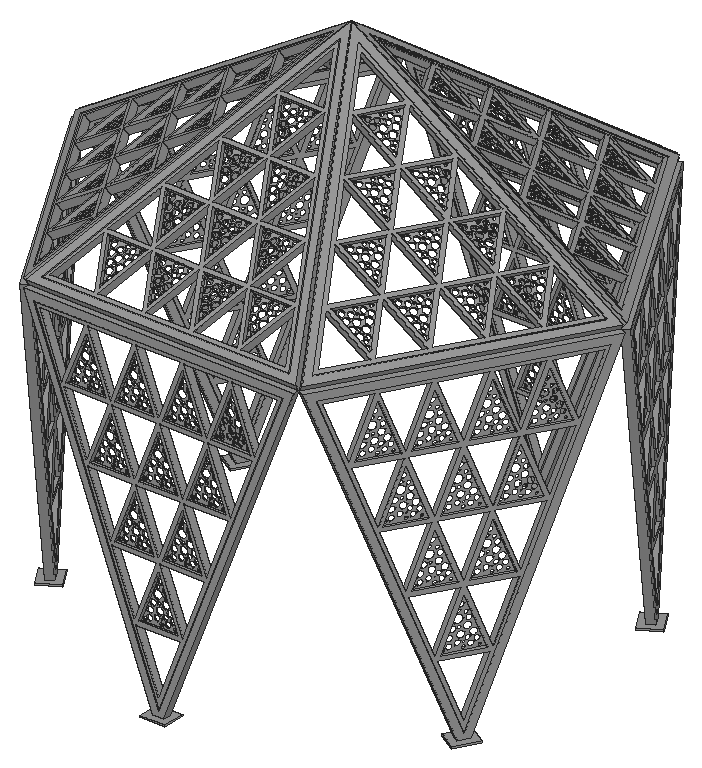
Revit family "Беседка «Трекант» Арт 19429", category Антураж, Revit 2018 (continued)
Automatic sketch dimensions
  Extrusion 60 sketch curve to Extrusion 60 sketch curve = 15.165 mm
  Extrusion 60 sketch curve to Extrusion 60 sketch curve = 36.532 mm
  Extrusion 60 sketch curve to Extrusion 60 sketch curve = 17.608 mm
  Extrusion 60 sketch curve to Extrusion 60 sketch curve = 17.736 mm
  Extrusion 60 sketch curve to Extrusion 60 sketch curve = 18.246 mm
  Extrusion 60 sketch curve to Extrusion 60 sketch curve = 14.653 mm
  Extrusion 60 sketch curve to Extrusion 60 sketch curve = 16.154 mm
  Extrusion 60 sketch curve to Extrusion 60 sketch curve = 31.299 mm
  Extrusion 60 sketch curve to Extrusion 60 sketch curve = 31.936 mm
  Extrusion 60 sketch curve to Extrusion 60 sketch curve = 25.851 mm
  Extrusion 60 sketch curve to Extrusion 60 sketch curve = 22.422 mm
  Extrusion 60 sketch curve to Extrusion 60 sketch curve = 51.657 mm
  Extrusion 60 sketch curve to Extrusion 60 sketch curve = 25.059 mm
  Extrusion 60 sketch curve to Extrusion 60 sketch curve = 30.603 mm
  Extrusion 60 sketch curve to Extrusion 60 sketch curve = 51.382 mm
  Extrusion 60 sketch curve to Extrusion 60 sketch curve = 6.429 mm
  Extrusion 60 sketch curve to Extrusion 60 sketch curve = 3.118 mm
  Extrusion 60 sketch curve to Extrusion 60 sketch curve = 47.115 mm
  Extrusion 60 sketch curve to Extrusion 60 sketch curve = 50.724 mm
  Extrusion 60 sketch curve to Extrusion 60 sketch curve = 37.627 mm
  Extrusion 60 sketch curve to Extrusion 60 sketch curve = 11.104 mm
  Extrusion 60 sketch curve to Extrusion 60 sketch curve = 38.537 mm
  Extrusion 61 sketch curve to plane 8 "123" = 0 mm
  Extrusion 61 sketch curve to level = 0 mm
  Extrusion 61 sketch curve to plane 8 "123" = 50 mm
  Extrusion 61 sketch curve to Extrusion 61 sketch curve = 72.75 mm  (x2)
  Extrusion 61 sketch curve to Extrusion 61 sketch curve = 809.98 mm
  level to Extrusion 61 sketch curve = 47.642 mm
  Extrusion 61 sketch curve to Extrusion 61 sketch curve = 35.269 mm  (x2)
  Extrusion 61 sketch curve to Extrusion 61 sketch curve = 1690.499 mm
  Extrusion 62 sketch curve to plane 8 "123" = 50 mm
  Extrusion 62 sketch curve to Extrusion 62 sketch curve = 36.379 mm  (x2)
  Extrusion 62 sketch curve to plane 8 "123" = 476.44 mm  (x7)
  Extrusion 62 sketch curve to Extrusion 62 sketch curve = 154.094 mm  (x2)
  Extrusion 62 sketch curve to plane 8 "123" = 501.44 mm  (x4)
  Extrusion 62 sketch curve to Extrusion 62 sketch curve = 9.597 mm  (x13)
  Extrusion 62 sketch curve to Extrusion 62 sketch curve = 26.779 mm  (x8)
  Extrusion 62 sketch curve to plane 8 "123" = 75.01 mm  (x5)
  Extrusion 62 sketch curve to Extrusion 62 sketch curve = 308.189 mm  (x5)
  Extrusion 62 sketch curve to plane 8 "123" = 119.771 mm  (x4)
  Extrusion 62 sketch curve to plane 8 "123" = 902.88 mm  (x5)
  Extrusion 62 sketch curve to Extrusion 62 sketch curve = 154.098 mm  (x3)
  Extrusion 62 sketch curve to Extrusion 62 sketch curve = 19.199 mm  (x4)
  Extrusion 62 sketch curve to Extrusion 62 sketch curve = 273.825 mm  (x10)
  Extrusion 62 sketch curve to Extrusion 62 sketch curve = 17.19 mm  (x4)
  Extrusion 62 sketch curve to plane 8 "123" = 546.211 mm  (x3)
  Extrusion 62 sketch curve to Extrusion 62 sketch curve = 9.593 mm  (x5)
  Extrusion 62 sketch curve to Extrusion 62 sketch curve = 9.595 mm  (x5)
  level to Extrusion 62 sketch curve = 970.272 mm  (x5)
  Extrusion 62 sketch curve to Extrusion 62 sketch curve = 19.191 mm  (x2)
  level to Extrusion 62 sketch curve = 945.272 mm
  Extrusion 62 sketch curve to plane 8 "123" = 927.88 mm  (x2)
  Extrusion 62 sketch curve to plane 8 "123" = 972.651 mm  (x2)
  level to Extrusion 62 sketch curve = 543.832 mm  (x2)
  Extrusion 62 sketch curve to Extrusion 62 sketch curve = 19.189 mm  (x2)
  level to Extrusion 62 sketch curve = 47.642 mm
  level to Extrusion 62 sketch curve = 117.402 mm
  Extrusion 62 sketch curve to Extrusion 62 sketch curve = 0 mm  (x6)
  level to Extrusion 62 sketch curve = 900.501 mm
  Extrusion 62 sketch curve to Extrusion 62 sketch curve = 19.181 mm
  Extrusion 62 sketch curve to Extrusion 62 sketch curve = 19.185 mm
  Extrusion 62 sketch curve to Extrusion 62 sketch curve = 26.781 mm
  level to Extrusion 62 sketch curve = 518.832 mm
  Extrusion 62 sketch curve to Extrusion 62 sketch curve = 17.182 mm
  Extrusion 62 sketch curve to Extrusion 62 sketch curve = 17.188 mm  (x3)
  Extrusion 62 sketch curve to plane 8 "123" = 902.89 mm
  Extrusion 62 sketch curve to Extrusion 62 sketch curve = 9.591 mm
  Extrusion 62 sketch curve to Extrusion 62 sketch curve = 26.785 mm
  Extrusion 62 sketch curve to Extrusion 62 sketch curve = 17.184 mm
  Extrusion 62 sketch curve to Extrusion 62 sketch curve = 17.186 mm
  Extrusion 62 sketch curve to Extrusion 62 sketch curve = 25 mm
  Extrusion 63 sketch curve to plane 8 "123" = 476.44 mm
  Extrusion 63 sketch curve to Extrusion 63 sketch curve = 26.608 mm
  Extrusion 63 sketch curve to Extrusion 63 sketch curve = 34.088 mm
  Extrusion 63 sketch curve to Extrusion 63 sketch curve = 1.206 mm
  Extrusion 63 sketch curve to Extrusion 63 sketch curve = 21.176 mm
  Extrusion 63 sketch curve to Extrusion 63 sketch curve = 49.958 mm
  Extrusion 63 sketch curve to Extrusion 63 sketch curve = 31.469 mm
  Extrusion 63 sketch curve to Extrusion 63 sketch curve = 0.052 mm
  Extrusion 63 sketch curve to Extrusion 63 sketch curve = 38.438 mm
  Extrusion 63 sketch curve to Extrusion 63 sketch curve = 6.752 mm
  Extrusion 63 sketch curve to Extrusion 63 sketch curve = 16.343 mm
  Extrusion 63 sketch curve to plane 8 "123" = 119.771 mm
  Extrusion 63 sketch curve to Extrusion 63 sketch curve = 5.971 mm
  Extrusion 63 sketch curve to Extrusion 63 sketch curve = 34.201 mm
  Extrusion 63 sketch curve to Extrusion 63 sketch curve = 1.495 mm
  Extrusion 63 sketch curve to Extrusion 63 sketch curve = 44.825 mm
  Extrusion 63 sketch curve to Extrusion 63 sketch curve = 21.489 mm
  Extrusion 63 sketch curve to Extrusion 63 sketch curve = 46.74 mm
  Extrusion 63 sketch curve to Extrusion 63 sketch curve = 17.599 mm
  Extrusion 63 sketch curve to Extrusion 63 sketch curve = 18.342 mm
  Extrusion 63 sketch curve to Extrusion 63 sketch curve = 34.657 mm
  Extrusion 63 sketch curve to Extrusion 63 sketch curve = 35.947 mm
  Extrusion 63 sketch curve to Extrusion 63 sketch curve = 15.165 mm
  Extrusion 63 sketch curve to Extrusion 63 sketch curve = 36.532 mm
  Extrusion 63 sketch curve to Extrusion 63 sketch curve = 17.608 mm
  Extrusion 63 sketch curve to Extrusion 63 sketch curve = 17.736 mm
  Extrusion 63 sketch curve to Extrusion 63 sketch curve = 18.246 mm
  Extrusion 63 sketch curve to Extrusion 63 sketch curve = 14.653 mm
  Extrusion 63 sketch curve to Extrusion 63 sketch curve = 16.154 mm
  Extrusion 63 sketch curve to Extrusion 63 sketch curve = 31.299 mm
  Extrusion 63 sketch curve to Extrusion 63 sketch curve = 31.936 mm
  Extrusion 63 sketch curve to Extrusion 63 sketch curve = 25.851 mm
  Extrusion 63 sketch curve to Extrusion 63 sketch curve = 22.422 mm
  Extrusion 63 sketch curve to Extrusion 63 sketch curve = 51.657 mm
  Extrusion 63 sketch curve to Extrusion 63 sketch curve = 25.059 mm
  Extrusion 63 sketch curve to Extrusion 63 sketch curve = 30.603 mm
  Extrusion 63 sketch curve to Extrusion 63 sketch curve = 51.382 mm
  Extrusion 63 sketch curve to Extrusion 63 sketch curve = 6.429 mm
  Extrusion 63 sketch curve to Extrusion 63 sketch curve = 3.118 mm
  Extrusion 63 sketch curve to Extrusion 63 sketch curve = 47.115 mm
  Extrusion 63 sketch curve to Extrusion 63 sketch curve = 50.724 mm
  Extrusion 63 sketch curve to Extrusion 63 sketch curve = 37.627 mm
  Extrusion 63 sketch curve to Extrusion 63 sketch curve = 11.104 mm
  Extrusion 63 sketch curve to Extrusion 63 sketch curve = 38.537 mm
  Extrusion 64 sketch curve to plane 8 "123" = 476.44 mm
  Extrusion 64 sketch curve to Extrusion 64 sketch curve = 26.608 mm
  Extrusion 64 sketch curve to Extrusion 64 sketch curve = 34.088 mm
  Extrusion 64 sketch curve to Extrusion 64 sketch curve = 1.206 mm
  Extrusion 64 sketch curve to Extrusion 64 sketch curve = 21.176 mm
  Extrusion 64 sketch curve to Extrusion 64 sketch curve = 49.958 mm
  Extrusion 64 sketch curve to Extrusion 64 sketch curve = 31.469 mm
  Extrusion 64 sketch curve to Extrusion 64 sketch curve = 0.052 mm
  Extrusion 64 sketch curve to Extrusion 64 sketch curve = 38.438 mm
  Extrusion 64 sketch curve to Extrusion 64 sketch curve = 6.752 mm
  Extrusion 64 sketch curve to Extrusion 64 sketch curve = 16.343 mm
  Extrusion 64 sketch curve to plane 8 "123" = 119.771 mm
  Extrusion 64 sketch curve to Extrusion 64 sketch curve = 5.971 mm
  Extrusion 64 sketch curve to Extrusion 64 sketch curve = 34.201 mm
  Extrusion 64 sketch curve to Extrusion 64 sketch curve = 1.495 mm
  Extrusion 64 sketch curve to Extrusion 64 sketch curve = 44.825 mm
  Extrusion 64 sketch curve to Extrusion 64 sketch curve = 21.489 mm
  Extrusion 64 sketch curve to Extrusion 64 sketch curve = 46.74 mm
  Extrusion 64 sketch curve to Extrusion 64 sketch curve = 17.599 mm
  Extrusion 64 sketch curve to Extrusion 64 sketch curve = 18.342 mm
  Extrusion 64 sketch curve to Extrusion 64 sketch curve = 34.657 mm
  Extrusion 64 sketch curve to Extrusion 64 sketch curve = 35.947 mm
  Extrusion 64 sketch curve to Extrusion 64 sketch curve = 15.165 mm
  Extrusion 64 sketch curve to Extrusion 64 sketch curve = 36.532 mm
  Extrusion 64 sketch curve to Extrusion 64 sketch curve = 17.608 mm
  Extrusion 64 sketch curve to Extrusion 64 sketch curve = 17.736 mm
  Extrusion 64 sketch curve to Extrusion 64 sketch curve = 18.246 mm
  Extrusion 64 sketch curve to Extrusion 64 sketch curve = 14.653 mm
  Extrusion 64 sketch curve to Extrusion 64 sketch curve = 16.154 mm
  Extrusion 64 sketch curve to Extrusion 64 sketch curve = 31.299 mm
  Extrusion 64 sketch curve to Extrusion 64 sketch curve = 31.936 mm
  Extrusion 64 sketch curve to Extrusion 64 sketch curve = 25.851 mm
  Extrusion 64 sketch curve to Extrusion 64 sketch curve = 22.422 mm
  Extrusion 64 sketch curve to Extrusion 64 sketch curve = 51.657 mm
  Extrusion 64 sketch curve to Extrusion 64 sketch curve = 25.059 mm
  Extrusion 64 sketch curve to Extrusion 64 sketch curve = 30.603 mm
  Extrusion 64 sketch curve to Extrusion 64 sketch curve = 51.382 mm
  Extrusion 64 sketch curve to Extrusion 64 sketch curve = 6.429 mm
  Extrusion 64 sketch curve to Extrusion 64 sketch curve = 3.118 mm
  Extrusion 64 sketch curve to Extrusion 64 sketch curve = 47.115 mm
  Extrusion 64 sketch curve to Extrusion 64 sketch curve = 50.724 mm
  Extrusion 64 sketch curve to Extrusion 64 sketch curve = 37.627 mm
  Extrusion 64 sketch curve to Extrusion 64 sketch curve = 11.104 mm
  Extrusion 64 sketch curve to Extrusion 64 sketch curve = 38.537 mm
  Extrusion 65 sketch curve to plane 8 "123" = 476.44 mm
  Extrusion 65 sketch curve to Extrusion 65 sketch curve = 26.608 mm
  Extrusion 65 sketch curve to Extrusion 65 sketch curve = 34.088 mm
  Extrusion 65 sketch curve to Extrusion 65 sketch curve = 1.206 mm
  Extrusion 65 sketch curve to Extrusion 65 sketch curve = 21.176 mm
  Extrusion 65 sketch curve to Extrusion 65 sketch curve = 49.958 mm
  Extrusion 65 sketch curve to Extrusion 65 sketch curve = 31.469 mm
  Extrusion 65 sketch curve to Extrusion 65 sketch curve = 0.052 mm
  Extrusion 65 sketch curve to Extrusion 65 sketch curve = 38.438 mm
  Extrusion 65 sketch curve to Extrusion 65 sketch curve = 6.752 mm
  Extrusion 65 sketch curve to Extrusion 65 sketch curve = 16.343 mm
  Extrusion 65 sketch curve to plane 8 "123" = 119.771 mm
  Extrusion 65 sketch curve to Extrusion 65 sketch curve = 5.971 mm
  Extrusion 65 sketch curve to Extrusion 65 sketch curve = 34.201 mm
  Extrusion 65 sketch curve to Extrusion 65 sketch curve = 1.495 mm
  Extrusion 65 sketch curve to Extrusion 65 sketch curve = 44.825 mm
  Extrusion 65 sketch curve to Extrusion 65 sketch curve = 21.489 mm
  Extrusion 65 sketch curve to Extrusion 65 sketch curve = 46.74 mm
  Extrusion 65 sketch curve to Extrusion 65 sketch curve = 17.599 mm
  Extrusion 65 sketch curve to Extrusion 65 sketch curve = 18.342 mm
  Extrusion 65 sketch curve to Extrusion 65 sketch curve = 34.657 mm
  Extrusion 65 sketch curve to Extrusion 65 sketch curve = 35.947 mm
  Extrusion 65 sketch curve to Extrusion 65 sketch curve = 15.165 mm
  Extrusion 65 sketch curve to Extrusion 65 sketch curve = 36.532 mm
  Extrusion 65 sketch curve to Extrusion 65 sketch curve = 17.608 mm
  Extrusion 65 sketch curve to Extrusion 65 sketch curve = 17.736 mm
  Extrusion 65 sketch curve to Extrusion 65 sketch curve = 18.246 mm
  Extrusion 65 sketch curve to Extrusion 65 sketch curve = 14.653 mm
  Extrusion 65 sketch curve to Extrusion 65 sketch curve = 16.154 mm
  Extrusion 65 sketch curve to Extrusion 65 sketch curve = 31.299 mm
  Extrusion 65 sketch curve to Extrusion 65 sketch curve = 31.936 mm
  Extrusion 65 sketch curve to Extrusion 65 sketch curve = 25.851 mm
  Extrusion 65 sketch curve to Extrusion 65 sketch curve = 22.422 mm
  Extrusion 65 sketch curve to Extrusion 65 sketch curve = 51.657 mm
  Extrusion 65 sketch curve to Extrusion 65 sketch curve = 25.059 mm
  Extrusion 65 sketch curve to Extrusion 65 sketch curve = 30.603 mm
  Extrusion 65 sketch curve to Extrusion 65 sketch curve = 51.382 mm
  Extrusion 65 sketch curve to Extrusion 65 sketch curve = 6.429 mm
  Extrusion 65 sketch curve to Extrusion 65 sketch curve = 3.118 mm
  Extrusion 65 sketch curve to Extrusion 65 sketch curve = 47.115 mm
  Extrusion 65 sketch curve to Extrusion 65 sketch curve = 50.724 mm
  Extrusion 65 sketch curve to Extrusion 65 sketch curve = 37.627 mm
  Extrusion 65 sketch curve to Extrusion 65 sketch curve = 11.104 mm
  Extrusion 65 sketch curve to Extrusion 65 sketch curve = 38.537 mm
  Extrusion 66 sketch curve to plane 8 "123" = 476.44 mm
  Extrusion 66 sketch curve to Extrusion 66 sketch curve = 26.608 mm
  Extrusion 66 sketch curve to Extrusion 66 sketch curve = 34.088 mm
  Extrusion 66 sketch curve to Extrusion 66 sketch curve = 1.206 mm
  Extrusion 66 sketch curve to Extrusion 66 sketch curve = 21.176 mm
  Extrusion 66 sketch curve to Extrusion 66 sketch curve = 49.958 mm
  Extrusion 66 sketch curve to Extrusion 66 sketch curve = 31.469 mm
  Extrusion 66 sketch curve to Extrusion 66 sketch curve = 0.052 mm
  Extrusion 66 sketch curve to Extrusion 66 sketch curve = 38.438 mm
  Extrusion 66 sketch curve to Extrusion 66 sketch curve = 6.752 mm
  Extrusion 66 sketch curve to Extrusion 66 sketch curve = 16.343 mm
  Extrusion 66 sketch curve to plane 8 "123" = 119.771 mm
  Extrusion 66 sketch curve to Extrusion 66 sketch curve = 5.971 mm
  Extrusion 66 sketch curve to Extrusion 66 sketch curve = 34.201 mm
  Extrusion 66 sketch curve to Extrusion 66 sketch curve = 1.495 mm
  Extrusion 66 sketch curve to Extrusion 66 sketch curve = 44.825 mm
  Extrusion 66 sketch curve to Extrusion 66 sketch curve = 21.489 mm
  Extrusion 66 sketch curve to Extrusion 66 sketch curve = 46.74 mm
  Extrusion 66 sketch curve to Extrusion 66 sketch curve = 17.599 mm
  Extrusion 66 sketch curve to Extrusion 66 sketch curve = 18.342 mm
  Extrusion 66 sketch curve to Extrusion 66 sketch curve = 34.657 mm
  Extrusion 66 sketch curve to Extrusion 66 sketch curve = 35.947 mm
  Extrusion 66 sketch curve to Extrusion 66 sketch curve = 15.165 mm
  Extrusion 66 sketch curve to Extrusion 66 sketch curve = 36.532 mm
  Extrusion 66 sketch curve to Extrusion 66 sketch curve = 17.608 mm
  Extrusion 66 sketch curve to Extrusion 66 sketch curve = 17.736 mm
  Extrusion 66 sketch curve to Extrusion 66 sketch curve = 18.246 mm
  Extrusion 66 sketch curve to Extrusion 66 sketch curve = 14.653 mm
  Extrusion 66 sketch curve to Extrusion 66 sketch curve = 16.154 mm
  Extrusion 66 sketch curve to Extrusion 66 sketch curve = 31.299 mm
  Extrusion 66 sketch curve to Extrusion 66 sketch curve = 31.936 mm
  Extrusion 66 sketch curve to Extrusion 66 sketch curve = 25.851 mm
  Extrusion 66 sketch curve to Extrusion 66 sketch curve = 22.422 mm
  Extrusion 66 sketch curve to Extrusion 66 sketch curve = 51.657 mm
  Extrusion 66 sketch curve to Extrusion 66 sketch curve = 25.059 mm
  Extrusion 66 sketch curve to Extrusion 66 sketch curve = 30.603 mm
  Extrusion 66 sketch curve to Extrusion 66 sketch curve = 51.382 mm
  Extrusion 66 sketch curve to Extrusion 66 sketch curve = 6.429 mm
  Extrusion 66 sketch curve to Extrusion 66 sketch curve = 3.118 mm
  Extrusion 66 sketch curve to Extrusion 66 sketch curve = 47.115 mm
  Extrusion 66 sketch curve to Extrusion 66 sketch curve = 50.724 mm
  Extrusion 66 sketch curve to Extrusion 66 sketch curve = 37.627 mm
  Extrusion 66 sketch curve to Extrusion 66 sketch curve = 11.104 mm
  Extrusion 66 sketch curve to Extrusion 66 sketch curve = 38.537 mm
  Extrusion 67 sketch curve to plane 8 "123" = 902.88 mm
  Extrusion 67 sketch curve to Extrusion 67 sketch curve = 26.608 mm
  Extrusion 67 sketch curve to Extrusion 67 sketch curve = 34.088 mm
  Extrusion 67 sketch curve to Extrusion 67 sketch curve = 1.206 mm
  Extrusion 67 sketch curve to Extrusion 67 sketch curve = 21.176 mm
  Extrusion 67 sketch curve to Extrusion 67 sketch curve = 49.958 mm
  Extrusion 67 sketch curve to Extrusion 67 sketch curve = 31.469 mm
  Extrusion 67 sketch curve to Extrusion 67 sketch curve = 0.052 mm
  Extrusion 67 sketch curve to Extrusion 67 sketch curve = 38.438 mm
  Extrusion 67 sketch curve to Extrusion 67 sketch curve = 6.752 mm
  Extrusion 67 sketch curve to Extrusion 67 sketch curve = 16.343 mm
  Extrusion 67 sketch curve to plane 8 "123" = 546.211 mm
  Extrusion 67 sketch curve to Extrusion 67 sketch curve = 5.971 mm
  Extrusion 67 sketch curve to Extrusion 67 sketch curve = 34.201 mm
  Extrusion 67 sketch curve to Extrusion 67 sketch curve = 1.495 mm
  Extrusion 67 sketch curve to Extrusion 67 sketch curve = 44.825 mm
  Extrusion 67 sketch curve to Extrusion 67 sketch curve = 21.489 mm
  Extrusion 67 sketch curve to Extrusion 67 sketch curve = 46.74 mm
  Extrusion 67 sketch curve to Extrusion 67 sketch curve = 17.599 mm
  Extrusion 67 sketch curve to Extrusion 67 sketch curve = 18.342 mm
  Extrusion 67 sketch curve to Extrusion 67 sketch curve = 34.657 mm
  Extrusion 67 sketch curve to Extrusion 67 sketch curve = 35.947 mm
  Extrusion 67 sketch curve to Extrusion 67 sketch curve = 15.165 mm
  Extrusion 67 sketch curve to Extrusion 67 sketch curve = 36.532 mm
  Extrusion 67 sketch curve to Extrusion 67 sketch curve = 17.608 mm
  Extrusion 67 sketch curve to Extrusion 67 sketch curve = 17.736 mm
  Extrusion 67 sketch curve to Extrusion 67 sketch curve = 18.246 mm
  Extrusion 67 sketch curve to Extrusion 67 sketch curve = 14.653 mm
  Extrusion 67 sketch curve to Extrusion 67 sketch curve = 16.154 mm
  Extrusion 67 sketch curve to Extrusion 67 sketch curve = 31.299 mm
  Extrusion 67 sketch curve to Extrusion 67 sketch curve = 31.936 mm
  Extrusion 67 sketch curve to Extrusion 67 sketch curve = 25.851 mm
  Extrusion 67 sketch curve to Extrusion 67 sketch curve = 22.422 mm
  Extrusion 67 sketch curve to Extrusion 67 sketch curve = 51.657 mm
  Extrusion 67 sketch curve to Extrusion 67 sketch curve = 25.059 mm
  Extrusion 67 sketch curve to Extrusion 67 sketch curve = 30.603 mm
  Extrusion 67 sketch curve to Extrusion 67 sketch curve = 51.382 mm
  Extrusion 67 sketch curve to Extrusion 67 sketch curve = 6.429 mm
  Extrusion 67 sketch curve to Extrusion 67 sketch curve = 3.118 mm
  Extrusion 67 sketch curve to Extrusion 67 sketch curve = 47.115 mm
  Extrusion 67 sketch curve to Extrusion 67 sketch curve = 50.724 mm
  Extrusion 67 sketch curve to Extrusion 67 sketch curve = 37.627 mm
  Extrusion 67 sketch curve to Extrusion 67 sketch curve = 11.104 mm
  Extrusion 67 sketch curve to Extrusion 67 sketch curve = 38.537 mm
  Extrusion 68 sketch curve to plane 8 "123" = 902.88 mm
  Extrusion 68 sketch curve to Extrusion 68 sketch curve = 26.608 mm
  Extrusion 68 sketch curve to Extrusion 68 sketch curve = 34.088 mm
  Extrusion 68 sketch curve to Extrusion 68 sketch curve = 1.206 mm
  Extrusion 68 sketch curve to Extrusion 68 sketch curve = 21.176 mm
  Extrusion 68 sketch curve to Extrusion 68 sketch curve = 49.958 mm
  Extrusion 68 sketch curve to Extrusion 68 sketch curve = 31.469 mm
  Extrusion 68 sketch curve to Extrusion 68 sketch curve = 0.052 mm
  Extrusion 68 sketch curve to Extrusion 68 sketch curve = 38.438 mm
  Extrusion 68 sketch curve to Extrusion 68 sketch curve = 6.752 mm
  Extrusion 68 sketch curve to Extrusion 68 sketch curve = 16.343 mm
  Extrusion 68 sketch curve to plane 8 "123" = 546.211 mm
  Extrusion 68 sketch curve to Extrusion 68 sketch curve = 5.971 mm
  Extrusion 68 sketch curve to Extrusion 68 sketch curve = 34.201 mm
  Extrusion 68 sketch curve to Extrusion 68 sketch curve = 1.495 mm
  Extrusion 68 sketch curve to Extrusion 68 sketch curve = 44.825 mm
  Extrusion 68 sketch curve to Extrusion 68 sketch curve = 21.489 mm
  Extrusion 68 sketch curve to Extrusion 68 sketch curve = 46.74 mm
  Extrusion 68 sketch curve to Extrusion 68 sketch curve = 17.599 mm
  Extrusion 68 sketch curve to Extrusion 68 sketch curve = 18.342 mm
  Extrusion 68 sketch curve to Extrusion 68 sketch curve = 34.657 mm
  Extrusion 68 sketch curve to Extrusion 68 sketch curve = 35.947 mm
  Extrusion 68 sketch curve to Extrusion 68 sketch curve = 15.165 mm
  Extrusion 68 sketch curve to Extrusion 68 sketch curve = 36.532 mm
  Extrusion 68 sketch curve to Extrusion 68 sketch curve = 17.608 mm
  Extrusion 68 sketch curve to Extrusion 68 sketch curve = 17.736 mm
  Extrusion 68 sketch curve to Extrusion 68 sketch curve = 18.246 mm
  Extrusion 68 sketch curve to Extrusion 68 sketch curve = 14.653 mm
  Extrusion 68 sketch curve to Extrusion 68 sketch curve = 16.154 mm
  Extrusion 68 sketch curve to Extrusion 68 sketch curve = 31.299 mm
  Extrusion 68 sketch curve to Extrusion 68 sketch curve = 31.936 mm
  Extrusion 68 sketch curve to Extrusion 68 sketch curve = 25.851 mm
  Extrusion 68 sketch curve to Extrusion 68 sketch curve = 22.422 mm
  Extrusion 68 sketch curve to Extrusion 68 sketch curve = 51.657 mm
  Extrusion 68 sketch curve to Extrusion 68 sketch curve = 25.059 mm
  Extrusion 68 sketch curve to Extrusion 68 sketch curve = 30.603 mm
  Extrusion 68 sketch curve to Extrusion 68 sketch curve = 51.382 mm
  Extrusion 68 sketch curve to Extrusion 68 sketch curve = 6.429 mm
  Extrusion 68 sketch curve to Extrusion 68 sketch curve = 3.118 mm
  Extrusion 68 sketch curve to Extrusion 68 sketch curve = 47.115 mm
  Extrusion 68 sketch curve to Extrusion 68 sketch curve = 50.724 mm
  Extrusion 68 sketch curve to Extrusion 68 sketch curve = 37.627 mm
  Extrusion 68 sketch curve to Extrusion 68 sketch curve = 11.104 mm
  Extrusion 68 sketch curve to Extrusion 68 sketch curve = 38.537 mm
  Extrusion 69 sketch curve to plane 8 "123" = 902.88 mm
  Extrusion 69 sketch curve to Extrusion 69 sketch curve = 26.608 mm
  Extrusion 69 sketch curve to Extrusion 69 sketch curve = 34.088 mm
  Extrusion 69 sketch curve to Extrusion 69 sketch curve = 1.206 mm
  Extrusion 69 sketch curve to Extrusion 69 sketch curve = 21.176 mm
  Extrusion 69 sketch curve to Extrusion 69 sketch curve = 49.958 mm
  Extrusion 69 sketch curve to Extrusion 69 sketch curve = 31.469 mm
  Extrusion 69 sketch curve to Extrusion 69 sketch curve = 0.052 mm
  Extrusion 69 sketch curve to Extrusion 69 sketch curve = 38.438 mm
  Extrusion 69 sketch curve to Extrusion 69 sketch curve = 6.752 mm
  Extrusion 69 sketch curve to Extrusion 69 sketch curve = 16.343 mm
  Extrusion 69 sketch curve to plane 8 "123" = 546.211 mm
  Extrusion 69 sketch curve to Extrusion 69 sketch curve = 5.971 mm
  Extrusion 69 sketch curve to Extrusion 69 sketch curve = 34.201 mm
  Extrusion 69 sketch curve to Extrusion 69 sketch curve = 1.495 mm
  Extrusion 69 sketch curve to Extrusion 69 sketch curve = 44.825 mm
  Extrusion 69 sketch curve to Extrusion 69 sketch curve = 21.489 mm
  Extrusion 69 sketch curve to Extrusion 69 sketch curve = 46.74 mm
  Extrusion 69 sketch curve to Extrusion 69 sketch curve = 17.599 mm
  Extrusion 69 sketch curve to Extrusion 69 sketch curve = 18.342 mm
  Extrusion 69 sketch curve to Extrusion 69 sketch curve = 34.657 mm
  Extrusion 69 sketch curve to Extrusion 69 sketch curve = 35.947 mm
  Extrusion 69 sketch curve to Extrusion 69 sketch curve = 15.165 mm
  Extrusion 69 sketch curve to Extrusion 69 sketch curve = 36.532 mm
  Extrusion 69 sketch curve to Extrusion 69 sketch curve = 17.608 mm
  Extrusion 69 sketch curve to Extrusion 69 sketch curve = 17.736 mm
  Extrusion 69 sketch curve to Extrusion 69 sketch curve = 18.246 mm
  Extrusion 69 sketch curve to Extrusion 69 sketch curve = 14.653 mm
  Extrusion 69 sketch curve to Extrusion 69 sketch curve = 16.154 mm
  Extrusion 69 sketch curve to Extrusion 69 sketch curve = 31.299 mm
  Extrusion 69 sketch curve to Extrusion 69 sketch curve = 31.936 mm
  Extrusion 69 sketch curve to Extrusion 69 sketch curve = 25.851 mm
  Extrusion 69 sketch curve to Extrusion 69 sketch curve = 22.422 mm
  Extrusion 69 sketch curve to Extrusion 69 sketch curve = 51.657 mm
  Extrusion 69 sketch curve to Extrusion 69 sketch curve = 25.059 mm
  Extrusion 69 sketch curve to Extrusion 69 sketch curve = 30.603 mm
  Extrusion 69 sketch curve to Extrusion 69 sketch curve = 51.382 mm
  Extrusion 69 sketch curve to Extrusion 69 sketch curve = 6.429 mm
  Extrusion 69 sketch curve to Extrusion 69 sketch curve = 3.118 mm
  Extrusion 69 sketch curve to Extrusion 69 sketch curve = 47.115 mm
  Extrusion 69 sketch curve to Extrusion 69 sketch curve = 50.724 mm
  Extrusion 69 sketch curve to Extrusion 69 sketch curve = 37.627 mm
  Extrusion 69 sketch curve to Extrusion 69 sketch curve = 11.104 mm
  Extrusion 69 sketch curve to Extrusion 69 sketch curve = 38.537 mm
  level to Extrusion 70 sketch curve = 970.272 mm
  Extrusion 70 sketch curve to Extrusion 70 sketch curve = 26.608 mm
  Extrusion 70 sketch curve to Extrusion 70 sketch curve = 34.088 mm
  Extrusion 70 sketch curve to Extrusion 70 sketch curve = 1.206 mm
  Extrusion 70 sketch curve to Extrusion 70 sketch curve = 21.176 mm
  Extrusion 70 sketch curve to Extrusion 70 sketch curve = 49.958 mm
  Extrusion 70 sketch curve to Extrusion 70 sketch curve = 31.469 mm
  Extrusion 70 sketch curve to Extrusion 70 sketch curve = 0.052 mm
  Extrusion 70 sketch curve to Extrusion 70 sketch curve = 38.438 mm
  Extrusion 70 sketch curve to Extrusion 70 sketch curve = 6.752 mm
  Extrusion 70 sketch curve to Extrusion 70 sketch curve = 16.343 mm
  Extrusion 70 sketch curve to plane 8 "123" = 972.651 mm
  Extrusion 70 sketch curve to Extrusion 70 sketch curve = 5.971 mm
  Extrusion 70 sketch curve to Extrusion 70 sketch curve = 34.201 mm
  Extrusion 70 sketch curve to Extrusion 70 sketch curve = 1.495 mm
  Extrusion 70 sketch curve to Extrusion 70 sketch curve = 44.825 mm
  Extrusion 70 sketch curve to Extrusion 70 sketch curve = 21.489 mm
  Extrusion 70 sketch curve to Extrusion 70 sketch curve = 46.74 mm
  Extrusion 70 sketch curve to Extrusion 70 sketch curve = 17.599 mm
  Extrusion 70 sketch curve to Extrusion 70 sketch curve = 18.342 mm
  Extrusion 70 sketch curve to Extrusion 70 sketch curve = 34.657 mm
  Extrusion 70 sketch curve to Extrusion 70 sketch curve = 35.947 mm
  Extrusion 70 sketch curve to Extrusion 70 sketch curve = 15.165 mm
  Extrusion 70 sketch curve to Extrusion 70 sketch curve = 36.532 mm
  Extrusion 70 sketch curve to Extrusion 70 sketch curve = 17.608 mm
  Extrusion 70 sketch curve to Extrusion 70 sketch curve = 17.736 mm
  Extrusion 70 sketch curve to Extrusion 70 sketch curve = 18.246 mm
  Extrusion 70 sketch curve to Extrusion 70 sketch curve = 14.653 mm
  Extrusion 70 sketch curve to Extrusion 70 sketch curve = 16.154 mm
  Extrusion 70 sketch curve to Extrusion 70 sketch curve = 31.299 mm
  Extrusion 70 sketch curve to Extrusion 70 sketch curve = 31.936 mm
  Extrusion 70 sketch curve to Extrusion 70 sketch curve = 25.851 mm
  Extrusion 70 sketch curve to Extrusion 70 sketch curve = 22.422 mm
  Extrusion 70 sketch curve to Extrusion 70 sketch curve = 51.657 mm
  Extrusion 70 sketch curve to Extrusion 70 sketch curve = 25.059 mm
  Extrusion 70 sketch curve to Extrusion 70 sketch curve = 30.603 mm
  Extrusion 70 sketch curve to Extrusion 70 sketch curve = 51.382 mm
  Extrusion 70 sketch curve to Extrusion 70 sketch curve = 6.429 mm
  Extrusion 70 sketch curve to Extrusion 70 sketch curve = 3.118 mm
  Extrusion 70 sketch curve to Extrusion 70 sketch curve = 47.115 mm
  Extrusion 70 sketch curve to Extrusion 70 sketch curve = 50.724 mm
  Extrusion 70 sketch curve to Extrusion 70 sketch curve = 37.627 mm
  Extrusion 70 sketch curve to Extrusion 70 sketch curve = 11.104 mm
  Extrusion 70 sketch curve to Extrusion 70 sketch curve = 38.537 mm
  level to Extrusion 71 sketch curve = 970.272 mm
  Extrusion 71 sketch curve to Extrusion 71 sketch curve = 26.608 mm
  Extrusion 71 sketch curve to Extrusion 71 sketch curve = 34.088 mm
  Extrusion 71 sketch curve to Extrusion 71 sketch curve = 1.206 mm
  Extrusion 71 sketch curve to Extrusion 71 sketch curve = 21.176 mm
  Extrusion 71 sketch curve to Extrusion 71 sketch curve = 49.958 mm
  Extrusion 71 sketch curve to Extrusion 71 sketch curve = 31.469 mm
  Extrusion 71 sketch curve to Extrusion 71 sketch curve = 0.052 mm
  Extrusion 71 sketch curve to Extrusion 71 sketch curve = 38.438 mm
  Extrusion 71 sketch curve to Extrusion 71 sketch curve = 6.752 mm
  Extrusion 71 sketch curve to Extrusion 71 sketch curve = 16.343 mm
  Extrusion 71 sketch curve to plane 8 "123" = 972.651 mm
  Extrusion 71 sketch curve to Extrusion 71 sketch curve = 5.971 mm
  Extrusion 71 sketch curve to Extrusion 71 sketch curve = 34.201 mm
  Extrusion 71 sketch curve to Extrusion 71 sketch curve = 1.495 mm
  Extrusion 71 sketch curve to Extrusion 71 sketch curve = 44.825 mm
  Extrusion 71 sketch curve to Extrusion 71 sketch curve = 21.489 mm
  Extrusion 71 sketch curve to Extrusion 71 sketch curve = 46.74 mm
  Extrusion 71 sketch curve to Extrusion 71 sketch curve = 17.599 mm
  Extrusion 71 sketch curve to Extrusion 71 sketch curve = 18.342 mm
  Extrusion 71 sketch curve to Extrusion 71 sketch curve = 34.657 mm
  Extrusion 71 sketch curve to Extrusion 71 sketch curve = 35.947 mm
  Extrusion 71 sketch curve to Extrusion 71 sketch curve = 15.165 mm
  Extrusion 71 sketch curve to Extrusion 71 sketch curve = 36.532 mm
  Extrusion 71 sketch curve to Extrusion 71 sketch curve = 17.608 mm
  Extrusion 71 sketch curve to Extrusion 71 sketch curve = 17.736 mm
  Extrusion 71 sketch curve to Extrusion 71 sketch curve = 18.246 mm
  Extrusion 71 sketch curve to Extrusion 71 sketch curve = 14.653 mm
  Extrusion 71 sketch curve to Extrusion 71 sketch curve = 16.154 mm
  Extrusion 71 sketch curve to Extrusion 71 sketch curve = 31.299 mm
  Extrusion 71 sketch curve to Extrusion 71 sketch curve = 31.936 mm
  Extrusion 71 sketch curve to Extrusion 71 sketch curve = 25.851 mm
  Extrusion 71 sketch curve to Extrusion 71 sketch curve = 22.422 mm
  Extrusion 71 sketch curve to Extrusion 71 sketch curve = 51.657 mm
  Extrusion 71 sketch curve to Extrusion 71 sketch curve = 25.059 mm
  Extrusion 71 sketch curve to Extrusion 71 sketch curve = 30.603 mm
  Extrusion 71 sketch curve to Extrusion 71 sketch curve = 51.382 mm
  Extrusion 71 sketch curve to Extrusion 71 sketch curve = 6.429 mm
  Extrusion 71 sketch curve to Extrusion 71 sketch curve = 3.118 mm
  Extrusion 71 sketch curve to Extrusion 71 sketch curve = 47.115 mm
  Extrusion 71 sketch curve to Extrusion 71 sketch curve = 50.724 mm
  Extrusion 71 sketch curve to Extrusion 71 sketch curve = 37.627 mm
  Extrusion 71 sketch curve to Extrusion 71 sketch curve = 11.104 mm
  Extrusion 71 sketch curve to Extrusion 71 sketch curve = 38.537 mm
  level to Extrusion 72 sketch curve = 543.832 mm
  Extrusion 72 sketch curve to Extrusion 72 sketch curve = 26.608 mm
  Extrusion 72 sketch curve to Extrusion 72 sketch curve = 34.088 mm
  Extrusion 72 sketch curve to Extrusion 72 sketch curve = 1.206 mm
  Extrusion 72 sketch curve to Extrusion 72 sketch curve = 21.176 mm
  Extrusion 72 sketch curve to Extrusion 72 sketch curve = 49.958 mm
  Extrusion 72 sketch curve to Extrusion 72 sketch curve = 31.469 mm
  Extrusion 72 sketch curve to Extrusion 72 sketch curve = 0.052 mm
  Extrusion 72 sketch curve to Extrusion 72 sketch curve = 38.438 mm
  Extrusion 72 sketch curve to Extrusion 72 sketch curve = 6.752 mm
  Extrusion 72 sketch curve to Extrusion 72 sketch curve = 16.343 mm
  level to Extrusion 72 sketch curve = 900.501 mm
  Extrusion 72 sketch curve to Extrusion 72 sketch curve = 5.971 mm
  Extrusion 72 sketch curve to Extrusion 72 sketch curve = 34.201 mm
  Extrusion 72 sketch curve to Extrusion 72 sketch curve = 1.495 mm
  Extrusion 72 sketch curve to Extrusion 72 sketch curve = 44.825 mm
  Extrusion 72 sketch curve to Extrusion 72 sketch curve = 21.489 mm
  Extrusion 72 sketch curve to Extrusion 72 sketch curve = 46.74 mm
  Extrusion 72 sketch curve to Extrusion 72 sketch curve = 17.599 mm
  Extrusion 72 sketch curve to Extrusion 72 sketch curve = 18.342 mm
  Extrusion 72 sketch curve to Extrusion 72 sketch curve = 34.657 mm
  Extrusion 72 sketch curve to Extrusion 72 sketch curve = 35.947 mm
  Extrusion 72 sketch curve to Extrusion 72 sketch curve = 15.165 mm
  Extrusion 72 sketch curve to Extrusion 72 sketch curve = 36.532 mm
  Extrusion 72 sketch curve to Extrusion 72 sketch curve = 17.608 mm
  Extrusion 72 sketch curve to Extrusion 72 sketch curve = 17.736 mm
  Extrusion 72 sketch curve to Extrusion 72 sketch curve = 18.246 mm
  Extrusion 72 sketch curve to Extrusion 72 sketch curve = 14.653 mm
  Extrusion 72 sketch curve to Extrusion 72 sketch curve = 16.154 mm
  Extrusion 72 sketch curve to Extrusion 72 sketch curve = 31.299 mm
  Extrusion 72 sketch curve to Extrusion 72 sketch curve = 31.936 mm
  Extrusion 72 sketch curve to Extrusion 72 sketch curve = 25.851 mm
  Extrusion 72 sketch curve to Extrusion 72 sketch curve = 22.422 mm
  Extrusion 72 sketch curve to Extrusion 72 sketch curve = 51.657 mm
  Extrusion 72 sketch curve to Extrusion 72 sketch curve = 25.059 mm
  Extrusion 72 sketch curve to Extrusion 72 sketch curve = 30.603 mm
  Extrusion 72 sketch curve to Extrusion 72 sketch curve = 51.382 mm
  Extrusion 72 sketch curve to Extrusion 72 sketch curve = 6.429 mm
  Extrusion 72 sketch curve to Extrusion 72 sketch curve = 3.118 mm
  Extrusion 72 sketch curve to Extrusion 72 sketch curve = 47.115 mm
  Extrusion 72 sketch curve to Extrusion 72 sketch curve = 50.724 mm
  Extrusion 72 sketch curve to Extrusion 72 sketch curve = 37.627 mm
  Extrusion 72 sketch curve to Extrusion 72 sketch curve = 11.104 mm
  Extrusion 72 sketch curve to Extrusion 72 sketch curve = 38.537 mm
  Extrusion 74 sketch curve to Extrusion 73 = 0 mm  (x3)
  Extrusion 74 sketch curve to Extrusion 73 = 918 mm
  Extrusion 75 sketch curve to Extrusion 73 = 0 mm  (x2)
  Extrusion 73 to Extrusion 75 sketch curve = 0 mm
  Extrusion 75 sketch curve to Extrusion 73 = 918 mm
  Extrusion 73 to Extrusion 76 sketch curve = 120.524 mm
  Extrusion 73 to Extrusion 76 sketch curve = 50 mm
  Extrusion 76 sketch curve to Extrusion 73 = 77.749 mm  (x2)
  Extrusion 76 sketch curve to Extrusion 73 = 918 mm
  Extrusion 77 sketch curve to Extrusion 73 = 50 mm
  Extrusion 77 sketch curve to Extrusion 73 = 75 mm  (x2)
  Extrusion 77 sketch curve to Extrusion 77 sketch curve = 0 mm  (x17)
  Extrusion 77 sketch curve to Extrusion 77 sketch curve = 35.138 mm  (x10)
  Extrusion 77 sketch curve to Extrusion 77 sketch curve = 296.238 mm
  Extrusion 77 sketch curve to Extrusion 77 sketch curve = 0.124 mm  (x4)
  Extrusion 77 sketch curve to Extrusion 77 sketch curve = 25 mm  (x7)
  Extrusion 77 sketch curve to Extrusion 77 sketch curve = 25.124 mm
  Extrusion 77 sketch curve to Extrusion 77 sketch curve = 60.262 mm
  Extrusion 73 to Extrusion 77 sketch curve = 77.749 mm
  Extrusion 77 sketch curve to Extrusion 77 sketch curve = 38.875 mm  (x2)
  Extrusion 73 to Extrusion 77 sketch curve = 267.769 mm
  Extrusion 77 sketch curve to Extrusion 77 sketch curve = 11.399 mm  (x5)
  Extrusion 77 sketch curve to Extrusion 77 sketch curve = 27.476 mm  (x10)
  Extrusion 77 sketch curve to Extrusion 77 sketch curve = 302.29 mm  (x3)
  Extrusion 77 sketch curve to Extrusion 77 sketch curve = 151.145 mm  (x3)
  Extrusion 77 sketch curve to Extrusion 77 sketch curve = 11.455 mm  (x10)
  Extrusion 77 sketch curve to Extrusion 77 sketch curve = 22.797 mm  (x3)
  Extrusion 77 sketch curve to Extrusion 77 sketch curve = 270.249 mm  (x10)
  Extrusion 77 sketch curve to Extrusion 77 sketch curve = 15.964 mm  (x6)
  Extrusion 77 sketch curve to Extrusion 77 sketch curve = 27.363 mm  (x3)
  Extrusion 77 sketch curve to Extrusion 77 sketch curve = 22.91 mm  (x7)
  Extrusion 77 sketch curve to Extrusion 77 sketch curve = 27.419 mm  (x6)
  Extrusion 77 sketch curve to Extrusion 77 sketch curve = 151.202 mm
  Extrusion 77 sketch curve to Extrusion 77 sketch curve = 16.077 mm  (x4)
  Extrusion 77 sketch curve to Extrusion 77 sketch curve = 302.177 mm
  Extrusion 73 to Extrusion 77 sketch curve = 116.624 mm
  Extrusion 78 sketch curve to Extrusion 77 = 0 mm  (x4)
  Extrusion 77 to Extrusion 78 sketch curve = 0 mm
  Extrusion 78 sketch curve to Extrusion 78 sketch curve = 44.032 mm
  Extrusion 78 sketch curve to Extrusion 78 sketch curve = 35.379 mm
  Extrusion 78 sketch curve to Extrusion 78 sketch curve = 24.634 mm
  Extrusion 78 sketch curve to Extrusion 78 sketch curve = 34.912 mm
  Extrusion 78 sketch curve to Extrusion 78 sketch curve = 46.832 mm
  Extrusion 78 sketch curve to Extrusion 78 sketch curve = 4.368 mm
  Extrusion 78 sketch curve to Extrusion 78 sketch curve = 6.429 mm
  Extrusion 78 sketch curve to Extrusion 78 sketch curve = 42.916 mm
  Extrusion 78 sketch curve to Extrusion 78 sketch curve = 44.093 mm
  Extrusion 78 sketch curve to Extrusion 78 sketch curve = 53.882 mm
  Extrusion 78 sketch curve to Extrusion 78 sketch curve = 30.603 mm
  Extrusion 78 sketch curve to Extrusion 78 sketch curve = 42.956 mm
  Extrusion 78 sketch curve to Extrusion 78 sketch curve = 22.422 mm
  Extrusion 78 sketch curve to Extrusion 78 sketch curve = 0.638 mm
  Extrusion 77 to Extrusion 78 sketch curve = 33.762 mm
  Extrusion 77 to Extrusion 78 sketch curve = 32.899 mm
  Extrusion 77 to Extrusion 78 sketch curve = 17.608 mm
  Extrusion 77 to Extrusion 78 sketch curve = 16.371 mm
  Extrusion 77 to Extrusion 78 sketch curve = 14.4 mm
  Extrusion 78 sketch curve to Extrusion 78 sketch curve = 38.707 mm
  Extrusion 78 sketch curve to Extrusion 78 sketch curve = 14.155 mm
  Extrusion 78 sketch curve to Extrusion 78 sketch curve = 22.756 mm
  Extrusion 78 sketch curve to Extrusion 78 sketch curve = 35.947 mm
  Extrusion 78 sketch curve to Extrusion 78 sketch curve = 31.116 mm
  Extrusion 78 sketch curve to Extrusion 78 sketch curve = 18.342 mm
  Extrusion 78 sketch curve to Extrusion 78 sketch curve = 0.445 mm
  Extrusion 78 sketch curve to Extrusion 78 sketch curve = 21.489 mm
  Extrusion 78 sketch curve to Extrusion 78 sketch curve = 22.071 mm
  Extrusion 78 sketch curve to Extrusion 78 sketch curve = 1.495 mm
  Extrusion 78 sketch curve to Extrusion 78 sketch curve = 6.274 mm
  Extrusion 78 sketch curve to Extrusion 78 sketch curve = 39.24 mm
  Extrusion 78 sketch curve to Extrusion 78 sketch curve = 0.748 mm
  Extrusion 78 sketch curve to Extrusion 78 sketch curve = 9.583 mm
  Extrusion 78 sketch curve to Extrusion 78 sketch curve = 35.697 mm
  Extrusion 78 sketch curve to Extrusion 78 sketch curve = 35.938 mm
  Extrusion 78 sketch curve to Extrusion 78 sketch curve = 37.503 mm
  Extrusion 78 sketch curve to Extrusion 78 sketch curve = 12.456 mm
  Extrusion 78 sketch curve to Extrusion 78 sketch curve = 24.993 mm
  Extrusion 77 to Extrusion 79 sketch curve = 0 mm
  Extrusion 77 to Extrusion 79 sketch curve = 14.4 mm
  Extrusion 77 to Extrusion 79 sketch curve = 16.371 mm
  Extrusion 77 to Extrusion 79 sketch curve = 17.608 mm
  Extrusion 77 to Extrusion 79 sketch curve = 32.899 mm
  Extrusion 77 to Extrusion 79 sketch curve = 33.762 mm
  Extrusion 79 sketch curve to Extrusion 79 sketch curve = 31.299 mm
  Extrusion 79 sketch curve to Extrusion 79 sketch curve = 31.936 mm
  Extrusion 79 sketch curve to Extrusion 79 sketch curve = 25.851 mm
  Extrusion 79 sketch curve to Extrusion 79 sketch curve = 22.422 mm
  Extrusion 79 sketch curve to Extrusion 79 sketch curve = 31.9 mm
  Extrusion 79 sketch curve to Extrusion 79 sketch curve = 25.059 mm
  Extrusion 79 sketch curve to Extrusion 79 sketch curve = 30.603 mm
  Extrusion 79 sketch curve to Extrusion 79 sketch curve = 37.664 mm
  Extrusion 79 sketch curve to Extrusion 79 sketch curve = 6.429 mm
  Extrusion 79 sketch curve to Extrusion 79 sketch curve = 4.368 mm
  Extrusion 79 sketch curve to Extrusion 79 sketch curve = 40.922 mm
  Extrusion 79 sketch curve to Extrusion 79 sketch curve = 46.832 mm
  Extrusion 79 sketch curve to Extrusion 79 sketch curve = 24.634 mm
  Extrusion 79 sketch curve to Extrusion 79 sketch curve = 35.379 mm
  Extrusion 77 to Extrusion 79 sketch curve = 35.138 mm
  Extrusion 77 to Extrusion 79 sketch curve = 0.052 mm
  Extrusion 79 sketch curve to Extrusion 79 sketch curve = 38.707 mm
  Extrusion 79 sketch curve to Extrusion 79 sketch curve = 14.155 mm
  Extrusion 79 sketch curve to Extrusion 79 sketch curve = 22.756 mm
  Extrusion 79 sketch curve to Extrusion 79 sketch curve = 35.947 mm
  Extrusion 79 sketch curve to Extrusion 79 sketch curve = 31.116 mm
  Extrusion 79 sketch curve to Extrusion 79 sketch curve = 18.342 mm
  Extrusion 79 sketch curve to Extrusion 79 sketch curve = 0.445 mm
  Extrusion 79 sketch curve to Extrusion 79 sketch curve = 21.489 mm
  Extrusion 79 sketch curve to Extrusion 79 sketch curve = 22.071 mm
  Extrusion 79 sketch curve to Extrusion 79 sketch curve = 1.495 mm
  Extrusion 79 sketch curve to Extrusion 79 sketch curve = 5.876 mm
  Extrusion 79 sketch curve to Extrusion 79 sketch curve = 6.274 mm
  Extrusion 79 sketch curve to Extrusion 79 sketch curve = 39.24 mm
  Extrusion 79 sketch curve to Extrusion 79 sketch curve = 0.748 mm
  Extrusion 79 sketch curve to Extrusion 79 sketch curve = 9.583 mm
  Extrusion 79 sketch curve to Extrusion 79 sketch curve = 35.697 mm
  Extrusion 79 sketch curve to Extrusion 79 sketch curve = 35.938 mm
  Extrusion 79 sketch curve to Extrusion 79 sketch curve = 37.503 mm
  Extrusion 79 sketch curve to Extrusion 79 sketch curve = 12.456 mm
  Extrusion 79 sketch curve to Extrusion 79 sketch curve = 30.963 mm
  Extrusion 79 sketch curve to Extrusion 79 sketch curve = 24.993 mm
  Extrusion 77 to Extrusion 80 sketch curve = 0 mm
  Extrusion 77 to Extrusion 80 sketch curve = 14.4 mm
  Extrusion 77 to Extrusion 80 sketch curve = 16.371 mm
  Extrusion 77 to Extrusion 80 sketch curve = 17.608 mm
  Extrusion 77 to Extrusion 80 sketch curve = 32.899 mm
  Extrusion 77 to Extrusion 80 sketch curve = 33.762 mm
  Extrusion 80 sketch curve to Extrusion 80 sketch curve = 31.299 mm
  Extrusion 80 sketch curve to Extrusion 80 sketch curve = 31.936 mm
  Extrusion 80 sketch curve to Extrusion 80 sketch curve = 25.851 mm
  Extrusion 80 sketch curve to Extrusion 80 sketch curve = 22.422 mm
  Extrusion 80 sketch curve to Extrusion 80 sketch curve = 31.9 mm
  Extrusion 80 sketch curve to Extrusion 80 sketch curve = 25.059 mm
  Extrusion 80 sketch curve to Extrusion 80 sketch curve = 30.603 mm
  Extrusion 80 sketch curve to Extrusion 80 sketch curve = 37.664 mm
  Extrusion 80 sketch curve to Extrusion 80 sketch curve = 6.429 mm
  Extrusion 80 sketch curve to Extrusion 80 sketch curve = 4.368 mm
  Extrusion 80 sketch curve to Extrusion 80 sketch curve = 40.922 mm
  Extrusion 80 sketch curve to Extrusion 80 sketch curve = 46.832 mm
  Extrusion 80 sketch curve to Extrusion 80 sketch curve = 24.634 mm
  Extrusion 80 sketch curve to Extrusion 80 sketch curve = 35.379 mm
  Extrusion 77 to Extrusion 80 sketch curve = 35.138 mm
  Extrusion 80 sketch curve to Extrusion 77 = 0.052 mm
  Extrusion 80 sketch curve to Extrusion 80 sketch curve = 38.707 mm
  Extrusion 80 sketch curve to Extrusion 80 sketch curve = 14.155 mm
  Extrusion 80 sketch curve to Extrusion 80 sketch curve = 22.756 mm
  Extrusion 80 sketch curve to Extrusion 80 sketch curve = 35.947 mm
  Extrusion 80 sketch curve to Extrusion 80 sketch curve = 31.116 mm
  Extrusion 80 sketch curve to Extrusion 80 sketch curve = 18.342 mm
  Extrusion 80 sketch curve to Extrusion 80 sketch curve = 0.445 mm
  Extrusion 80 sketch curve to Extrusion 80 sketch curve = 21.489 mm
  Extrusion 80 sketch curve to Extrusion 80 sketch curve = 22.071 mm
  Extrusion 80 sketch curve to Extrusion 80 sketch curve = 1.495 mm
  Extrusion 80 sketch curve to Extrusion 80 sketch curve = 5.876 mm
  Extrusion 80 sketch curve to Extrusion 80 sketch curve = 6.274 mm
  Extrusion 80 sketch curve to Extrusion 80 sketch curve = 39.24 mm
  Extrusion 80 sketch curve to Extrusion 80 sketch curve = 0.748 mm
  Extrusion 80 sketch curve to Extrusion 80 sketch curve = 9.583 mm
  Extrusion 80 sketch curve to Extrusion 80 sketch curve = 35.697 mm
  Extrusion 80 sketch curve to Extrusion 80 sketch curve = 35.938 mm
  Extrusion 80 sketch curve to Extrusion 80 sketch curve = 37.503 mm
  Extrusion 80 sketch curve to Extrusion 80 sketch curve = 12.456 mm
  Extrusion 80 sketch curve to Extrusion 80 sketch curve = 30.963 mm
  Extrusion 80 sketch curve to Extrusion 80 sketch curve = 24.993 mm
  Extrusion 77 to Extrusion 81 sketch curve = 0 mm
  Extrusion 77 to Extrusion 81 sketch curve = 14.4 mm
  Extrusion 77 to Extrusion 81 sketch curve = 16.371 mm
  Extrusion 77 to Extrusion 81 sketch curve = 17.608 mm
  Extrusion 77 to Extrusion 81 sketch curve = 32.899 mm
  Extrusion 77 to Extrusion 81 sketch curve = 33.762 mm
  Extrusion 81 sketch curve to Extrusion 81 sketch curve = 31.299 mm
  Extrusion 81 sketch curve to Extrusion 81 sketch curve = 31.936 mm
  Extrusion 81 sketch curve to Extrusion 81 sketch curve = 25.851 mm
  Extrusion 81 sketch curve to Extrusion 81 sketch curve = 22.422 mm
  Extrusion 81 sketch curve to Extrusion 81 sketch curve = 31.9 mm
  Extrusion 81 sketch curve to Extrusion 81 sketch curve = 25.059 mm
  Extrusion 81 sketch curve to Extrusion 81 sketch curve = 30.603 mm
  Extrusion 81 sketch curve to Extrusion 81 sketch curve = 37.664 mm
  Extrusion 81 sketch curve to Extrusion 81 sketch curve = 6.429 mm
  Extrusion 81 sketch curve to Extrusion 81 sketch curve = 4.368 mm
  Extrusion 81 sketch curve to Extrusion 81 sketch curve = 40.922 mm
  Extrusion 81 sketch curve to Extrusion 81 sketch curve = 46.832 mm
  Extrusion 81 sketch curve to Extrusion 81 sketch curve = 24.634 mm
  Extrusion 81 sketch curve to Extrusion 81 sketch curve = 35.379 mm
  Extrusion 77 to Extrusion 81 sketch curve = 35.138 mm
  Extrusion 77 to Extrusion 81 sketch curve = 0.052 mm
  Extrusion 81 sketch curve to Extrusion 81 sketch curve = 38.707 mm
  Extrusion 81 sketch curve to Extrusion 81 sketch curve = 14.155 mm
  Extrusion 81 sketch curve to Extrusion 81 sketch curve = 22.756 mm
  Extrusion 81 sketch curve to Extrusion 81 sketch curve = 35.947 mm
  Extrusion 81 sketch curve to Extrusion 81 sketch curve = 31.116 mm
  Extrusion 81 sketch curve to Extrusion 81 sketch curve = 18.342 mm
  Extrusion 81 sketch curve to Extrusion 81 sketch curve = 0.445 mm
  Extrusion 81 sketch curve to Extrusion 81 sketch curve = 21.489 mm
  Extrusion 81 sketch curve to Extrusion 81 sketch curve = 22.071 mm
  Extrusion 81 sketch curve to Extrusion 81 sketch curve = 1.495 mm
  Extrusion 81 sketch curve to Extrusion 81 sketch curve = 5.876 mm
  Extrusion 81 sketch curve to Extrusion 81 sketch curve = 6.274 mm
  Extrusion 81 sketch curve to Extrusion 81 sketch curve = 39.24 mm
  Extrusion 81 sketch curve to Extrusion 81 sketch curve = 0.748 mm
  Extrusion 81 sketch curve to Extrusion 81 sketch curve = 9.583 mm
  Extrusion 81 sketch curve to Extrusion 81 sketch curve = 35.697 mm
  Extrusion 81 sketch curve to Extrusion 81 sketch curve = 35.938 mm
  Extrusion 81 sketch curve to Extrusion 81 sketch curve = 37.503 mm
  Extrusion 81 sketch curve to Extrusion 81 sketch curve = 12.456 mm
  Extrusion 81 sketch curve to Extrusion 81 sketch curve = 30.963 mm
  Extrusion 81 sketch curve to Extrusion 81 sketch curve = 24.993 mm
  Extrusion 77 to Extrusion 82 sketch curve = 0 mm
  Extrusion 77 to Extrusion 82 sketch curve = 14.4 mm
  Extrusion 77 to Extrusion 82 sketch curve = 16.371 mm
  Extrusion 77 to Extrusion 82 sketch curve = 17.608 mm
  Extrusion 77 to Extrusion 82 sketch curve = 32.899 mm
  Extrusion 77 to Extrusion 82 sketch curve = 33.762 mm
  Extrusion 82 sketch curve to Extrusion 82 sketch curve = 31.299 mm
  Extrusion 82 sketch curve to Extrusion 82 sketch curve = 31.936 mm
  Extrusion 82 sketch curve to Extrusion 82 sketch curve = 25.851 mm
  Extrusion 82 sketch curve to Extrusion 82 sketch curve = 22.422 mm
  Extrusion 82 sketch curve to Extrusion 82 sketch curve = 31.9 mm
  Extrusion 82 sketch curve to Extrusion 82 sketch curve = 25.059 mm
  Extrusion 82 sketch curve to Extrusion 82 sketch curve = 30.603 mm
  Extrusion 82 sketch curve to Extrusion 82 sketch curve = 37.664 mm
  Extrusion 82 sketch curve to Extrusion 82 sketch curve = 6.429 mm
  Extrusion 82 sketch curve to Extrusion 82 sketch curve = 4.368 mm
  Extrusion 82 sketch curve to Extrusion 82 sketch curve = 40.922 mm
  Extrusion 82 sketch curve to Extrusion 82 sketch curve = 46.832 mm
  Extrusion 82 sketch curve to Extrusion 82 sketch curve = 24.634 mm
  Extrusion 82 sketch curve to Extrusion 82 sketch curve = 35.379 mm
  Extrusion 77 to Extrusion 82 sketch curve = 35.138 mm
  Extrusion 82 sketch curve to Extrusion 77 = 0.052 mm
  Extrusion 82 sketch curve to Extrusion 82 sketch curve = 38.707 mm
  Extrusion 82 sketch curve to Extrusion 82 sketch curve = 14.155 mm
  Extrusion 82 sketch curve to Extrusion 82 sketch curve = 22.756 mm
  Extrusion 82 sketch curve to Extrusion 82 sketch curve = 35.947 mm
  Extrusion 82 sketch curve to Extrusion 82 sketch curve = 31.116 mm
  Extrusion 82 sketch curve to Extrusion 82 sketch curve = 18.342 mm
  Extrusion 82 sketch curve to Extrusion 82 sketch curve = 0.445 mm
  Extrusion 82 sketch curve to Extrusion 82 sketch curve = 21.489 mm
  Extrusion 82 sketch curve to Extrusion 82 sketch curve = 22.071 mm
  Extrusion 82 sketch curve to Extrusion 82 sketch curve = 1.495 mm
  Extrusion 82 sketch curve to Extrusion 82 sketch curve = 5.876 mm
  Extrusion 82 sketch curve to Extrusion 82 sketch curve = 6.274 mm
  Extrusion 82 sketch curve to Extrusion 82 sketch curve = 39.24 mm
  Extrusion 82 sketch curve to Extrusion 82 sketch curve = 0.748 mm
  Extrusion 82 sketch curve to Extrusion 82 sketch curve = 9.583 mm
  Extrusion 82 sketch curve to Extrusion 82 sketch curve = 35.697 mm
  Extrusion 82 sketch curve to Extrusion 82 sketch curve = 35.938 mm
  Extrusion 82 sketch curve to Extrusion 82 sketch curve = 37.503 mm
  Extrusion 82 sketch curve to Extrusion 82 sketch curve = 12.456 mm
  Extrusion 82 sketch curve to Extrusion 82 sketch curve = 30.963 mm
  Extrusion 82 sketch curve to Extrusion 82 sketch curve = 24.993 mm
  Extrusion 77 to Extrusion 83 sketch curve = 0 mm
  Extrusion 77 to Extrusion 83 sketch curve = 14.4 mm
  Extrusion 77 to Extrusion 83 sketch curve = 16.371 mm
  Extrusion 77 to Extrusion 83 sketch curve = 17.608 mm
  Extrusion 77 to Extrusion 83 sketch curve = 32.899 mm
  Extrusion 77 to Extrusion 83 sketch curve = 33.762 mm
  Extrusion 83 sketch curve to Extrusion 83 sketch curve = 31.299 mm
  Extrusion 83 sketch curve to Extrusion 83 sketch curve = 31.936 mm
  Extrusion 83 sketch curve to Extrusion 83 sketch curve = 25.851 mm
  Extrusion 83 sketch curve to Extrusion 83 sketch curve = 22.422 mm
  Extrusion 83 sketch curve to Extrusion 83 sketch curve = 31.9 mm
  Extrusion 83 sketch curve to Extrusion 83 sketch curve = 25.059 mm
  Extrusion 83 sketch curve to Extrusion 83 sketch curve = 30.603 mm
  Extrusion 83 sketch curve to Extrusion 83 sketch curve = 37.664 mm
  Extrusion 83 sketch curve to Extrusion 83 sketch curve = 6.429 mm
  Extrusion 83 sketch curve to Extrusion 83 sketch curve = 4.368 mm
  Extrusion 83 sketch curve to Extrusion 83 sketch curve = 40.922 mm
  Extrusion 83 sketch curve to Extrusion 83 sketch curve = 46.832 mm
  Extrusion 83 sketch curve to Extrusion 83 sketch curve = 24.634 mm
  Extrusion 83 sketch curve to Extrusion 83 sketch curve = 35.379 mm
  Extrusion 77 to Extrusion 83 sketch curve = 35.138 mm
  Extrusion 77 to Extrusion 83 sketch curve = 0.052 mm
  Extrusion 83 sketch curve to Extrusion 83 sketch curve = 38.707 mm
  Extrusion 83 sketch curve to Extrusion 83 sketch curve = 14.155 mm
  Extrusion 83 sketch curve to Extrusion 83 sketch curve = 22.756 mm
  Extrusion 83 sketch curve to Extrusion 83 sketch curve = 35.947 mm
  Extrusion 83 sketch curve to Extrusion 83 sketch curve = 31.116 mm
  Extrusion 83 sketch curve to Extrusion 83 sketch curve = 18.342 mm
  Extrusion 83 sketch curve to Extrusion 83 sketch curve = 0.445 mm
  Extrusion 83 sketch curve to Extrusion 83 sketch curve = 21.489 mm
  Extrusion 83 sketch curve to Extrusion 83 sketch curve = 22.071 mm
  Extrusion 83 sketch curve to Extrusion 83 sketch curve = 1.495 mm
  Extrusion 83 sketch curve to Extrusion 83 sketch curve = 5.876 mm
  Extrusion 83 sketch curve to Extrusion 83 sketch curve = 6.274 mm
  Extrusion 83 sketch curve to Extrusion 83 sketch curve = 39.24 mm
  Extrusion 83 sketch curve to Extrusion 83 sketch curve = 0.748 mm
  Extrusion 83 sketch curve to Extrusion 83 sketch curve = 9.583 mm
  Extrusion 83 sketch curve to Extrusion 83 sketch curve = 35.697 mm
  Extrusion 83 sketch curve to Extrusion 83 sketch curve = 35.938 mm
  Extrusion 83 sketch curve to Extrusion 83 sketch curve = 37.503 mm
  Extrusion 83 sketch curve to Extrusion 83 sketch curve = 12.456 mm
  Extrusion 83 sketch curve to Extrusion 83 sketch curve = 30.963 mm
  Extrusion 83 sketch curve to Extrusion 83 sketch curve = 24.993 mm
  Extrusion 77 to Extrusion 84 sketch curve = 0 mm
  Extrusion 77 to Extrusion 84 sketch curve = 14.4 mm
  Extrusion 77 to Extrusion 84 sketch curve = 16.371 mm
  Extrusion 77 to Extrusion 84 sketch curve = 17.608 mm
  Extrusion 77 to Extrusion 84 sketch curve = 32.899 mm
  Extrusion 77 to Extrusion 84 sketch curve = 33.762 mm
  Extrusion 84 sketch curve to Extrusion 84 sketch curve = 31.299 mm
  Extrusion 84 sketch curve to Extrusion 84 sketch curve = 31.936 mm
  Extrusion 84 sketch curve to Extrusion 84 sketch curve = 25.851 mm
  Extrusion 84 sketch curve to Extrusion 84 sketch curve = 22.422 mm
  Extrusion 84 sketch curve to Extrusion 84 sketch curve = 31.9 mm
  Extrusion 84 sketch curve to Extrusion 84 sketch curve = 25.059 mm
  Extrusion 84 sketch curve to Extrusion 84 sketch curve = 30.603 mm
  Extrusion 84 sketch curve to Extrusion 84 sketch curve = 37.664 mm
  Extrusion 84 sketch curve to Extrusion 84 sketch curve = 6.429 mm
  Extrusion 84 sketch curve to Extrusion 84 sketch curve = 4.368 mm
  Extrusion 84 sketch curve to Extrusion 84 sketch curve = 40.922 mm
  Extrusion 84 sketch curve to Extrusion 84 sketch curve = 46.832 mm
  Extrusion 84 sketch curve to Extrusion 84 sketch curve = 24.634 mm
  Extrusion 84 sketch curve to Extrusion 84 sketch curve = 35.379 mm
  Extrusion 77 to Extrusion 84 sketch curve = 35.138 mm
  Extrusion 84 sketch curve to Extrusion 77 = 0.052 mm
  Extrusion 84 sketch curve to Extrusion 84 sketch curve = 38.707 mm
  Extrusion 84 sketch curve to Extrusion 84 sketch curve = 14.155 mm
  Extrusion 84 sketch curve to Extrusion 84 sketch curve = 22.756 mm
  Extrusion 84 sketch curve to Extrusion 84 sketch curve = 35.947 mm
  Extrusion 84 sketch curve to Extrusion 84 sketch curve = 31.116 mm
  Extrusion 84 sketch curve to Extrusion 84 sketch curve = 18.342 mm
  Extrusion 84 sketch curve to Extrusion 84 sketch curve = 0.445 mm
  Extrusion 84 sketch curve to Extrusion 84 sketch curve = 21.489 mm
  Extrusion 84 sketch curve to Extrusion 84 sketch curve = 22.071 mm
  Extrusion 84 sketch curve to Extrusion 84 sketch curve = 1.495 mm
